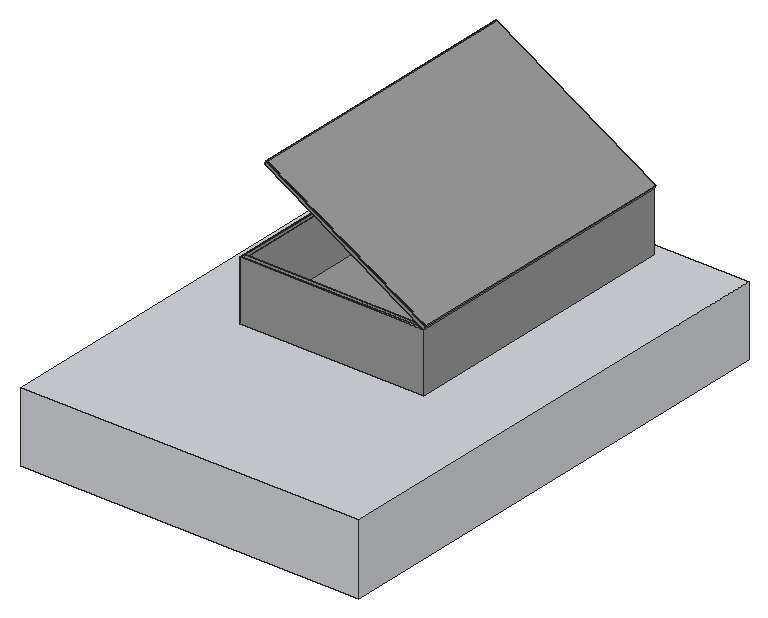
Revit family "Hager-Univers-IP55-D275-H1250-Cl.II-Steel_encl-CH-de", category Equipement électrique, Revit 2020
Family settings
  Hôte = Face
  Configuration du panneau = Deux colonnes, circuits au sein
  Cote de connecteur circulaire = Utiliser le diamètre
  Type d'élément = Tableau de raccordement
  Couper avec des vides une fois chargée = Non
  Partagée = Non
  Point de calcul de pièce = Non
Parameters (values of type "Aufputz IP55 B800 H1250 T275  - FR83S")
  Width Control [instance] = if([EF000008 - Breite] > Min Width, [EF000008 - Breite], Min Width)  # 800 mm
  Commentaires du type = [HG000003 - Bereich]  # "Univers"
  Thickness Door [instance] = if([EF009171 - Materialstärke Tür/Deckel] > 3 mm, 3 mm, [EF009171 - Materialstärke Tür/Deckel])  # 1.5 mm
  Seal Frame Offset [instance] = 17 mm  # constant formula
  Plinth Visibility [instance] = [HG000027 - Sockelhöhe] > 0 mm  # no
  Model = ""
  Min Width [instance] = 100 mm  # constant formula
  Min Height [instance] = 100 mm  # constant formula
  Min Depth [instance] = (2 * [EF009170 - Materialstärke Gehäuse]) + 1 mm  # 4 mm
  Internal Frame Depth [instance] = (Door System Depth * 0.5)  # 9 mm
  Height Control [instance] = if([EF000040 - Höhe] > Min Height, [EF000040 - Höhe], Min Height)  # 1250 mm
  HG000027 - Sockelhöhe = 0 mm
  HG000026 - Stehend auf dem Boden = no
  HG000024 - Höhe des unteren Teils = 800 mm
  HG000023 - Gehäuse mit doppeltem Querschnitt = no
  HG000016 - 3D-Türsichtbarkeit [instance] = yes
  HG000015 - Sichtbarkeit der Türöffnung [instance] = no
  HG000014 - Tür rechts [instance] = yes
  HG000013 - Tür links [instance] = not([HG000014 - Tür rechts])  # no
  HG000012 - Türschwenkwinkel [instance] = 30.00°
  HG000010 - Asymmetrische Türen = no
  HG000009 - Doppelflügeligen Tür = no
  HG000006 - Unterputz = no
  HG000004 - Herstellerreferenz = "FR83S"
  HG000003 - Bereich = "Univers"
  HG000002 - Mit tür = yes
  Frame Offset Bottom [instance] = 10 mm  # constant formula
  Frame Offset [instance] = 15 mm  # constant formula
  EF015940 - Deckel mit Überdruckentlastung = no
  EF011959 - Schutzart (NEMA) = ""
  EF009554 - Anzahl der Öffnungen für Flanschplatten = 6
  Fabricant = "Hager"  # constant formula
  EF009212 - Ausführung Deckel = "EV000116 - geschlossen"
  EF009171 - Materialstärke Tür/Deckel = 1.5 mm
  EF009170 - Materialstärke Gehäuse = 1.5 mm
  EF008873 - Nennstrom (In) = 800 A
  EF007800 - Geeignet für Blitzschutz = no
  EF006306 - Mit Schloss = no
  EF006244 - Transparenter Deckel/Tür = no
  EF005474 - Schutzart (IP) = "EV006420 - IP55"
  EF004464 - Art der Tür = "EV002646 - Einzel"
  EF004427 - Anzahl der Module = 288
  EF004293 - Schlagfestigkeit = "EV008784 - IK10"
  EF003532 - Geeignet für Außengebrauch = no
  EF002950 - Breite in Teilungseinheiten = 24
  EF001613 - Funktionserhalt = "EV000494 - ohne"
  EF001596 - Werkstoff des Gehäuses = "EV000179 - Stahl"
  EF001131 - Innentiefe = 275 mm
  EF001088 - Anbaumöglichkeit = yes
  EF000437 - Anzahl der Leitungseinführungen = 6
  EF000339 - Art der Abdeckung = "EV004216 - Tür"
  EF000266 - Anzahl der Reihen = 8
  EF000218 - Einbautiefe = 0 mm
  EF000118 - Mit Montageplatte = no
  EF000116 - RAL-Nummer = "7035"
  EF000049 - Tiefe = 275 mm
  EF000040 - Höhe = 1250 mm
  EF000008 - Breite = 800 mm
  EF000007 - Farbe = "EV000270 - grau"
  EF000003 - Montageart = "EV000384 - Aufputz"
  Door System Leaf Tolerance [instance] = 1.5 mm  # constant formula
  Door System Depth [instance] = 18 mm  # constant formula
  Door Height [instance] = Height Control - [HG000027 - Sockelhöhe]  # 1250 mm
  Depth Control [instance] = if([EF000049 - Tiefe] > Min Depth, [EF000049 - Tiefe], Min Depth)  # 275 mm
  Default Elevation = 0 mm
  Connector Offset [instance] = Height Control / 2  # 625 mm
  Bottom Top Plate Trim [instance] = 1.5 mm  # constant formula
  Plinth height Ctrl [instance] = if([HG000027 - Sockelhöhe] > 0 mm, [HG000027 - Sockelhöhe], 12 mm)  # 12 mm
Types (5, lengths in mm): name | Width Control | HG000010 - Asymmetrische Türen | HG000009 - Doppelflügeligen Tür | HG000004 - Herstellerreferenz | EF009554 - Anzahl der Öffnungen für Flanschplatten | EF004464 - Art der Tür | EF004427 - Anzahl der Module | EF000437 - Anzahl der Leitungseinführungen | EF000008 - Breite
  Aufputz IP55 B1050 H1250 T275  - FR84S | 1050 | no | yes | "FR84S" | 8 | "EV003602 - Doppel" | 384 | 8 | 1050
  Aufputz IP55 B1300 H1250 T275  - FR85S | 1300 | yes | yes | "FR85S" | 10 | "EV003602 - Doppel" | 480 | 10 | 1300
  Aufputz IP55 B300 H1250 T275  - FR81S | 300 | no | no | "FR81S" | 2 | "EV002646 - Einzel" | 96 | 2 | 300
  Aufputz IP55 B550 H1250 T275  - FR82S | 550 | no | no | "FR82S" | 4 | "EV002646 - Einzel" | 192 | 4 | 550
  Aufputz IP55 B800 H1250 T275  - FR83S | 800 | no | no | "FR83S" | 6 | "EV002646 - Einzel" | 288 | 6 | 800
Reference planes
  plane 1 "Center (Front/Back)": y = 0
  plane 2: z = 0
  plane 3 "Center (Left/Right)": x = 0
  plane 4: z = 275
  plane 5: y = 1.5
  plane 6: y = 625
  plane 7: y = 0
  plane 8: y = 1250
  plane 9: z = 0
  plane 10: x = -385
  plane 11: x = 385
  plane 12: x = 383.5
  plane 13: x = -383.5
  plane 14: y = 1248.5
  plane 15: x = -383
  plane 16: x = -400
  plane 17: x = 383
  plane 18: x = 400
  plane 19: x = 398.5
  plane 20: x = -398.5
  plane 21: y = 11.5
  plane 22: y = 1250
  plane 23: y = 1233.5
  plane 24: z = 257
  plane 25: z = 1.5
  plane 26: z = 255.5
  plane 27: z = 273.5
Forms (mm)
  Extrusion 1, solid
    sketch origin (0, 0, 0) x (1, 0, 0) y (0, 1, 0)
      loop
        line (-702.964, 1305) -> (-702.964, -811.445) -> (766.763, -811.445) -> (766.763, 1305) -> (-702.964, 1305)
    from 0 to -304.8
  Extrusion 2, solid, material "Hager_Steel_RAL7035_Light_Grey", visible <- "Plinth Visibility", detail levels medium+fine
    sketch origin (0, 0, 0) x (1, 0, 0) y (0, 1, 0)
      loop
        line (-400, 0) -> (400, 0) -> (400, 12) -> (-400, 12) -> (-400, 0)
    from 0 to 257
  Extrusion 3, solid, material "Hager_Steel_RAL7035_Light_Grey", detail levels medium+fine
    sketch origin (0, 0, 0) x (1, 0, 0) y (0, 1, 0)
      loop
        line (-400, 0) -> (400, 0) -> (400, 1250) -> (-400, 1250) -> (-400, 0)
    from 0 to 257
  Extrusion 4, void
    sketch origin (0, 0, 0) x (1, 0, 0) y (0, 1, 0)
      loop
        line (-398.5, 1.5) -> (398.5, 1.5) -> (398.5, 1248.5) -> (-398.5, 1248.5) -> (-398.5, 1.5)
    from 1.5 to 255.5
  Extrusion 5, void
    sketch origin (-381.607, -4572, 257) x (0, -1, 0) y (-1, 0, 0)
      loop
        line (-4583.5, 1.893) -> (-5805.5, 1.893) -> (-5805.5, -765.107) -> (-4583.5, -765.107) -> (-4583.5, 1.893)
    from 0 to 1.5 <- "EF009170 - Materialstärke Gehäuse"
  Extrusion 6, solid, material "Hager_Steel_RAL7035_Light_Grey", detail levels fine
    sketch origin (0, 0, 257) x (1, 0, 0) y (0, 1, 0)
      loop
        line (-383.5, 1233.5) -> (-383.5, 11.5) -> (383.5, 11.5) -> (383.5, 1233.5) -> (-383.5, 1233.5)
      loop
        line (-385, 10) -> (385, 10) -> (385, 1235) -> (-385, 1235) -> (-385, 10)
    from 0 to 9 <- "Internal Frame Depth"
  Extrusion 7, solid, material "Hager_Steel_RAL7035_Light_Grey", detail levels coarse
    sketch origin (0, 0, 0) x (1, 0, 0) y (0, 1, 0)
      loop
        line (-400, 0) -> (400, 0) -> (400, 1250) -> (-400, 1250) -> (-400, 0)
    from 0 to 275
  Sweep 8, void
    path in 3D
      loop
        line (-400, 12, 0) -> (400, 12, 0) -> (400, 12, 257) -> (-400, 12, 257) -> (-400, 12, 0)
    profile origin (-400, 12, 128.5) x (-1, 0, 0) y (0, -1, 0)
      loop
        line (0, 0) -> (0, 1.5) -> (-1.5, 1.5)
        arc (-1.5, 1.5) -> (-1.061, 0.439) -> (0, 0) r 1.5
Cuts and joins
  Extrusion 4, Extrusion 5 cuts Extrusion 3
  Sweep 8 cuts Extrusion 2
Lines and regions (mm)
  Masking region 1
    outline origin (0, 0, 0) x (1, 0, 0) y (0, 0, 1)
      loop
        line (-400, 275) -> (-400, 0) -> (400, 0) -> (400, 275) -> (-400, 275)
  Masking region 2, detail levels medium+fine
    outline origin (0, 140, 0) x (0, 1, 0) y (0, 0, 1)
      loop
        line (-140, 0) -> (1110, 0) -> (1110, 257) -> (-140, 257) -> (-140, 0)
  Masking region 3, not visible, detail levels medium+fine
    outline origin (0, 297.922, 0) x (0, 1, 0) y (0, 0, 1)
      loop
        line (338.578, 0) -> (378.578, 0) -> (378.578, 263.5)
        arc (378.578, 263.5) -> (375.649, 270.571) -> (368.578, 273.5) r 10
        line (368.578, 273.5) -> (338.578, 273.5) -> (338.578, 0)
  Masking region 4, detail levels coarse
    outline origin (0, 0, 180) x (0, 1, 0) y (0, 0, 1)
      loop
        line (0, -180) -> (1250, -180) -> (1250, 95) -> (0, 95) -> (0, -180)
  Masking region 5, visible <- "Plinth Visibility", detail levels medium+fine
    outline origin (0, 52.24, 12.345) x (0, 0, -1) y (0, 1, 0)
      loop
        line (10.845, -40.24) -> (-243.155, -40.24)
        arc (-243.155, -40.24) -> (-243.594, -41.301) -> (-244.655, -41.74) r 1.5
        line (-244.655, -41.74) -> (-244.655, -52.24) -> (12.345, -52.24) -> (12.345, -41.74)
        arc (12.345, -41.74) -> (11.285, -41.301) -> (10.845, -40.24) r 1.5
  Masking region 6, detail levels medium+fine
    outline origin (-381.607, -4572, 257) x (-1, 0, 0) y (0, -1, 0)
      loop
        line (18.393, -5822) -> (18.393, -4572) -> (-781.607, -4572) -> (-781.607, -5822) -> (18.393, -5822)
  Masking region 7, visible <- "Plinth Visibility", detail levels medium+fine
    outline origin (-381.607, -4727, 257) x (-1, 0, 0) y (0, -1, 0)
      loop
        arc (16.893, -4739) -> (17.332, -4737.939) -> (18.393, -4737.5) r 1.5
        line (18.393, -4737.5) -> (18.393, -4727) -> (-781.607, -4727) -> (-781.607, -4737.5)
        arc (-781.607, -4737.5) -> (-780.546, -4737.939) -> (-780.107, -4739) r 1.5
        line (-780.107, -4739) -> (16.893, -4739)
  Masking region 8, detail levels coarse
    outline origin (-442.548, -4669.526, 257) x (-1, 0, 0) y (0, -1, 0)
      loop
        line (-42.548, -5919.526) -> (-42.548, -4669.526) -> (-842.548, -4669.526) -> (-842.548, -5919.526) -> (-42.548, -5919.526)
  sketch lines
    curve 1: line (-400, 12, 257) -> (-400, 12, 0)
    curve 2: line (400, 12, 257) -> (-400, 12, 257)
    curve 3: line (400, 12, 257) -> (400, 12, 0)
    curve 4: line (-400, 12, 0) -> (400, 12, 0)
Dimensions and locks
  "Depth Control": plane 4 to Extrusion 1
  "HG000027 - Sockelhöhe": plane 1 "Center (Front/Back)" to plane 7
  "EF009170 - Materialstärke Gehäuse": plane 5 to plane 7
  locked: connector elem to plane 3 "Center (Left/Right)"
  equal spacing: plane 8, plane 6, plane 7
  locked: connector elem to plane 6
  "EF009170 - Materialstärke Gehäuse": plane 8 to plane 14
  "EF009170 - Materialstärke Gehäuse": plane 10 to plane 13
  "EF009170 - Materialstärke Gehäuse": plane 12 to plane 11
  "Frame Offset": plane 20 to plane 13
  "Frame Offset": plane 12 to plane 19
  "EF009170 - Materialstärke Gehäuse": plane 16 to plane 20
  "EF009170 - Materialstärke Gehäuse": plane 19 to plane 18
  "Seal Frame Offset": plane 16 to plane 15
  "Seal Frame Offset": plane 17 to plane 18
  "Frame Offset Bottom": plane 21 to plane 5
  "Frame Offset": plane 14 to plane 23
  equal spacing: plane 16, plane 3 "Center (Left/Right)", plane 18
  "Width Control": plane 16 to plane 18
  "EF009170 - Materialstärke Gehäuse": plane 4 to plane 27
  "EF009170 - Materialstärke Gehäuse": plane 24 to plane 26
  "EF009170 - Materialstärke Gehäuse": plane 25 to level
  "Door System Depth": plane 4 to plane 24
  "Height Control": plane 1 "Center (Front/Back)" to Extrusion 7 sketch curve
  "Height Control": Masking region 4 sketch curve to plane 1 "Center (Front/Back)"
  "Height Control": plane 1 "Center (Front/Back)" to plane 22
  "Bottom Top Plate Trim": profile plane to Sweep 8 sketch curve
  "Bottom Top Plate Trim": Sweep 8 sketch curve to profile plane
  "Plinth height Ctrl": plane 1 "Center (Front/Back)" to Extrusion 2 sketch curve
  "Plinth height Ctrl": Masking region 5 sketch curve to plane 1 "Center (Front/Back)"
  "Plinth height Ctrl": plane 1 "Center (Front/Back)" to Masking region 7 sketch curve
  "Thickness Door": Extrusion 6 sketch curve to Extrusion 6 sketch curve  (x3)
  "Thickness Door": cut or joined group of Extrusion 3, Extrusion 4, Extrusion 5 to Extrusion 6 sketch curve
  radius of Masking region 3 sketch curve = 10 mm
  "Bottom Top Plate Trim": radius of Masking region 5 sketch curve  (x2)
  "Bottom Top Plate Trim": radius of Sweep 8 sketch curve
  "Bottom Top Plate Trim": radius of Masking region 7 sketch curve  (x2)
  aligned and locked: plane 2 to Extrusion 1
  aligned and locked: level to Extrusion 1
  aligned and locked: level to Masking region 1 sketch curve
  aligned and locked: Masking region 1 sketch curve to plane 18
  aligned and locked: Masking region 1 sketch curve to plane 16
  aligned and locked: plane 7 to Masking region 2 sketch curve
  aligned and locked: level to Masking region 3 sketch curve
  aligned and locked: Masking region 3 sketch curve to plane 27
  aligned and locked: level to Masking region 2 sketch curve
  aligned and locked: plane 1 "Center (Front/Back)" to Extrusion 2 sketch curve
  aligned and locked: Extrusion 3 sketch curve to plane 7
  aligned and locked: plane 16 to Extrusion 3 sketch curve
  aligned and locked: plane 18 to Extrusion 3 sketch curve
  aligned and locked: plane 20 to Extrusion 4 sketch curve
  aligned and locked: plane 19 to Extrusion 4 sketch curve
  aligned and locked: Extrusion 4 sketch curve to plane 5
  aligned and locked: Extrusion 4 to plane 25
  aligned and locked: plane 26 to Extrusion 4
  aligned and locked: plane 24 to Extrusion 3
  aligned and locked: Extrusion 5 sketch curve to plane 21
  aligned and locked: Extrusion 5 sketch curve to plane 13
  aligned and locked: Extrusion 5 sketch curve to plane 12
  aligned and locked: plane 18 to Extrusion 7 sketch curve
  aligned and locked: plane 1 "Center (Front/Back)" to Extrusion 7 sketch curve
  aligned and locked: plane 16 to Extrusion 7 sketch curve
  aligned and locked: plane 4 to Extrusion 7
  aligned and locked: Extrusion 7 to level
  aligned and locked: level to Masking region 4 sketch curve
  aligned and locked: Masking region 4 sketch curve to plane 1 "Center (Front/Back)"
  aligned and locked: Masking region 4 sketch curve to plane 4
  aligned and locked: nested 1 to level
  aligned and locked: nested 1 to plane 16
  aligned and locked: plane 8 to Extrusion 3 sketch curve
  aligned and locked: plane 23 to Extrusion 5 sketch curve
  aligned and locked: plane 14 to Extrusion 4 sketch curve
  aligned and locked: Masking region 2 sketch curve to plane 8
  aligned and locked: level to Masking region 5 sketch curve
  aligned and locked: plane 16 to Extrusion 2 sketch curve
  aligned and locked: plane 18 to Extrusion 2 sketch curve
  aligned and locked: Masking region 5 sketch curve to plane 24
  aligned and locked: Masking region 2 sketch curve to plane 24
  aligned and locked: plane 24 to Extrusion 2
  aligned and locked: profile plane to Sweep 8 sketch curve  (x2)
  aligned and locked: Masking region 6 sketch curve to plane 18
  aligned and locked: Masking region 6 sketch curve to plane 22
  aligned and locked: Masking region 6 sketch curve to plane 16
  aligned and locked: plane 8 to plane 22
  aligned and locked: Masking region 6 sketch curve to plane 7
  aligned and locked: Masking region 7 sketch curve to plane 16
  aligned and locked: Masking region 7 sketch curve to plane 1 "Center (Front/Back)"
  aligned and locked: Masking region 7 sketch curve to plane 18
  aligned and locked: Masking region 8 sketch curve to plane 1 "Center (Front/Back)"
  aligned and locked: Masking region 8 sketch curve to plane 18
  aligned and locked: Masking region 8 sketch curve to plane 22
  aligned and locked: Masking region 8 sketch curve to plane 16
  aligned and locked: nested 2 to plane 7
  aligned and locked: plane 3 "Center (Left/Right)" to nested 2
  aligned and locked: nested 2 to plane 24
  aligned and locked: Extrusion 6 sketch curve to cut or joined group of Extrusion 3, Extrusion 4, Extrusion 5  (x4)
Automatic sketch dimensions
  Extrusion 1 sketch curve to Extrusion 1 sketch curve = 1469.727 mm
  Extrusion 1 sketch curve to Extrusion 1 sketch curve = 2116.445 mm
  Masking region 1 sketch curve to plane 4 = 0 mm
  plane 6 to Masking region 3 sketch curve = 11.5 mm
  Masking region 3 sketch curve to Masking region 3 sketch curve = 30 mm
  Masking region 5 sketch curve to plane 1 "Center (Front/Back)" = 0 mm
Nested families
  nested 1: "Hager_Enclosure_Symbol" at (-400, 0, 0) x (1, 0, 0) z (0, -1, 0), Height <- "Depth Control", Width <- "Width Control", type "Hager_Enclosure_Symbol"
    with Width_Ctrl 800 mm, Width 800 mm, Height_Ctrl 275 mm, Height 275 mm, A_Width_Int 18.047 mm, A_Width 216.562 mm, A_Height_Ctrl 240.625 mm, A_Height 240.625 mm
  nested 2: "EC000058_Univers_Door" at (0, 0, 257) x (1, 0, 0) z (0, 1, 0), Leaf_Tolerance <- "Door System Leaf Tolerance", Angle <- "HG000012 - Türschwenkwinkel", Door_Depth <- "Door System Depth", Door_Left <- "HG000013 - Tür links", Transparent <- "EF006244 - Transparenter Deckel/Tür", Assymetrical <- "HG000010 - Asymmetrische Türen", Width <- "Width Control", Clearance <- "HG000015 - Sichtbarkeit der Türöffnung", Double <- "HG000009 - Doppelflügeligen Tür", 3d_Door <- "HG000016 - 3D-Türsichtbarkeit", Lock_Visibility <- "EF006306 - Mit Schloss", Width_Ctrl <- "Width Control", Door_Right <- "HG000014 - Tür rechts", Door <- "HG000002 - Mit tür", Height <- "Door Height", Thickness <- "Thickness Door", type "EC000058_Univers_Door", detail levels medium+fine
    with min_wh 4 mm, Width_Ctrl 800 mm, Width 800 mm, Transparent no, Thickness 1.5 mm, Seal_Material Hager_Rubber, Lock_Visibility no, Lock_Material Hager_Plastic_RAL9005_Jet_Black, Leaf_Width 800 mm, Leaf_Tolerance_External_Sides 0 mm, Leaf_Tolerance 1.5 mm, Leaf_Offset 0 mm, Leaf_Height 1247 mm, Leaf_2_Width 800 mm, Leaf_2_Offset 400 mm, Leaf_1_Width 800 mm, Leaf_1_Offset 400 mm, Height_Ctrl 1250 mm, Height 1250 mm, Glass_Material Hager_Glass, Double_Clearance_Ctrl no, Double no, Door_Right_Ctrl yes, Door_Right yes, Door_Material Hager_Steel_RAL7035_Light_Grey, Door_Left_Ctrl no, Door_Left no, Door_Depth 18 mm, Door yes, Clearance_Material Hager_Clearance, Clearance_Depth 800 mm, Clearance_Ctrl no, Clearance no, Assymetrical no, Angle 30.00°, 3d_Door yes
Connectors
  electrical at (0, 625, 0)
    settings: on plane 9, index 1, voltage 0 V, apparent load 0 VA, apparent load phase1 0 VA, apparent load phase2 0 VA, apparent load phase3 0 VA, power factor 1, load classification "Other", number of poles 1, system type 30, power factor state 1, is connector primary yes, connector utility no, sub classification motor no, connector description ""
Definition of nested family "EC000058_Univers_Door"
  Parameters (values of type "EC000058_Univers_Door")
    min_wh [instance] = (2 * Thickness) + 1 mm  # 11 mm
    Width_Ctrl [instance] = 400 mm
    Width [instance] = 500 mm
    Transparent [instance] = yes
    Thickness [instance] = 5 mm
    Seal_Material [instance] = none
    Lock_Visibility [instance] = yes
    Lock_Material [instance] = none
    Leaf_Width [instance] = if((Width_Ctrl - 2 * Leaf_Tolerance_External_Sides) > 0 mm, (Width_Ctrl - 2 * Leaf_Tolerance_External_Sides), min_wh)  # 400 mm
    Leaf_Tolerance_External_Sides [instance] = 0 mm  # constant formula
    Leaf_Tolerance [instance] = 1.5 mm
    Leaf_Offset [instance] = 0 mm  # constant formula
    Leaf_Height [instance] = if((Height_Ctrl - 2 * Leaf_Tolerance) > 0 mm, (Height_Ctrl - 2 * Leaf_Tolerance), min_wh)  # 497 mm
    Leaf_2_Width [instance] = if(and(and(Double, Assymetrical), Door_Left), (Leaf_Width / 3) - (Leaf_Tolerance / 2), if(and(and(Double, Assymetrical), Door_Right), (Leaf_Width / 3) * 2 - (Leaf_Tolerance / 2), if(and(Double, not(Assymetrical)), (Leaf_Width / 2) - Leaf_Tolerance, Leaf_Width)))  # 400 mm
    Leaf_2_Offset [instance] = if(and(Double, Assymetrical), Leaf_2_Width / 2, if(and(Double, not(Assymetrical)), Leaf_Width / 4, Leaf_Width / 2))  # 200 mm
    Leaf_1_Width [instance] = if(and(and(Double, Assymetrical), Door_Right), (Leaf_Width / 3) - (Leaf_Tolerance / 2), if(and(and(Double, Assymetrical), Door_Left), (Width / 3) * 2 - (Leaf_Tolerance / 2), if(and(Double, not(Assymetrical)), (Leaf_Width / 2) - Leaf_Tolerance, Leaf_Width)))  # 400 mm
    Leaf_1_Offset [instance] = if(and(Double, Assymetrical), Leaf_1_Width / 2, if(and(Double, not(Assymetrical)), Leaf_Width / 4, Leaf_Width / 2))  # 200 mm
    Height_Ctrl [instance] = if(Height > min_wh, Height, min_wh)  # 500 mm
    Height [instance] = 500 mm
    Glass_Material [instance] = none
    Double_Clearance_Ctrl [instance] = and(Double, Clearance)  # no
    Double [instance] = no
    Door_Right_Ctrl [instance] = and(or(Door_Right, Double), Door)  # yes
    Door_Right [instance] = yes
    Door_Material [instance] = none
    Door_Left_Ctrl [instance] = and(or(Door_Left, Double), Door)  # no
    Door_Left [instance] = no
    Door_Depth [instance] = 30 mm
    Door [instance] = yes
    Default Elevation = 1219.2 mm
    Clearance_Material [instance] = none
    Clearance_Depth [instance] = if(Leaf_1_Width > Leaf_2_Width, Leaf_1_Width, Leaf_2_Width)  # 400 mm
    Clearance_Ctrl [instance] = and(not(Double), Clearance)  # yes
    Clearance [instance] = yes
    Assymetrical [instance] = yes
    Angle [instance] = 30.00°
    3d_Door [instance] = yes
  Reference planes
    plane 1 "Center (Front/Back)": y = 0
    plane 2 "Bottom": z = 0
    plane 3 "Center (Left/Right)": x = 0
    plane 4: z = 500
    plane 5: x = -200
    plane 6: x = 200
    plane 7: z = 500
    plane 8: x = -200
    plane 9: z = 0
    plane 10: x = 200
    plane 11: y = 0
    plane 12: z = 1.5
    plane 13: x = -600
    plane 14: y = -400
    plane 15: x = 600
    plane 16: x = 0
    plane 17: x = 0
    plane 18: x = -200
    plane 19: x = 200
    plane 20: z = 498.5
  Forms (mm)
    Extrusion 1, solid, material <- "Clearance_Material", visible <- "Double_Clearance_Ctrl"
      sketch origin (1200, 0, 0) x (1, 0, 0) y (0, 0, -1)
        loop
          line (-1800, -498.5) -> (-600, -498.5) -> (-600, 0) -> (-1800, 0) -> (-1800, -498.5)
      from 0 to -400
  Dimensions and locks
    equal spacing: plane 5, plane 3 "Center (Left/Right)", plane 6
    "Width_Ctrl": plane 5 to plane 6
    "Leaf_Offset": plane 5 to plane 8
    "Leaf_Offset": plane 6 to plane 10
    "Leaf_Offset": plane 9 to level
    "Leaf_Offset": plane 4 to plane 7
    "Height_Ctrl": plane 4 to level
    "Leaf_Tolerance": plane 12 to plane 9
    locked: plane 11 to plane 1 "Center (Front/Back)"
    "Leaf_1_Offset": plane 18 to plane 16
    "Leaf_2_Offset": plane 17 to plane 19
    "Leaf_1_Width": plane 13 to plane 8
    "Leaf_2_Width": plane 10 to plane 15
    "Clearance_Depth": plane 14 to plane 1 "Center (Front/Back)"
    "Leaf_Tolerance_External_Sides": plane 8 to plane 18
    "Leaf_Tolerance_External_Sides": plane 19 to plane 10
    "Leaf_Tolerance": plane 7 to plane 20
    aligned and locked: level to plane 2 "Bottom"
    aligned and locked: nested 1 to plane 16
    aligned and locked: nested 2 to plane 17
    aligned and locked: Extrusion 1 to plane 13
    aligned and locked: plane 15 to Extrusion 1
    aligned and locked: Extrusion 1 to plane 14
    aligned and locked: plane 12 to nested 1
    aligned and locked: nested 2 to plane 12
    aligned and locked: Extrusion 1 to plane 11
    aligned and locked: plane 20 to Extrusion 1
    aligned and locked: nested 2 to plane 11
    aligned and locked: nested 1 to plane 11
  Automatic sketch dimensions
    Extrusion 1 sketch curve to level = 0 mm
    plane 5 to Extrusion 1 sketch curve = 400 mm
    plane 6 to Extrusion 1 sketch curve = 400 mm
    Extrusion 1 sketch curve to plane 4 = 1.5 mm
  Nested families
    nested 1: "EC000058_Univers_Door_Leaf" at (0, 0, 1.5), Width <- "Leaf_1_Width", visible <- "Door_Left_Ctrl", Leaf_Height <- "Leaf_Height", Angle <- "Angle", 3d_Door <- "3d_Door", Transparent <- "Transparent", Clearance Material <- "Clearance_Material", Clearance <- "Clearance_Ctrl", Door_Material <- "Door_Material", Glass_Material <- "Glass_Material", Door_Depth <- "Door_Depth", Lock_Material <- "Lock_Material", Seal_Material <- "Seal_Material", Lock_Visibility <- "Lock_Visibility", Thickness <- "Thickness", type "EC000058_Univers_Door_Leaf"
      with Width 400 mm, Transparent_Glass_Offset 30 mm, Transparent_Ctrl yes, Transparent yes, Thickness 5 mm, Standard no, Seal_Material none, Seal_D2 8 mm, Seal_D1 1 mm, Offset_Internal_Frame 10 mm, Lock_Width 20 mm, Lock_Visibility_3d yes, Lock_Visibility yes, Lock_Thickness_3 3 mm, Lock_Thickness_2 1 mm, Lock_Thickness_1 3 mm, Lock_Radius_Offset_2 16 mm, Lock_Radius_Offset_1 15 mm, Lock_Radius_2 5 mm, Lock_Radius 6 mm, Lock_Offset 5 mm, Lock_Material none, Lock_Height 80 mm, Lock_Cover_Top_Offset_2d 17 mm, Lock_Cover_Height -65 mm, Leaf_Height 497 mm, Internal_Seal_Thickness 8 mm, Internal_Seal_Depth_2 4.5 mm, Internal_Frame_Depth 25 mm, Glass_Thickness -1 mm, Glass_Offset -2 mm, Glass_Material none, Door_Material none, Door_Depth 30 mm, Clearance Material none, Clearance yes, Angle_Ctrl 30.00°, Angle 30.00°, 3d_Door yes
    nested 2: "EC000058_Univers_Door_Leaf" at (0, 0, 1.5) x (-1, 0, 0) z (0, 0, 1), Width <- "Leaf_2_Width", visible <- "Door_Right_Ctrl", Leaf_Height <- "Leaf_Height", Angle <- "Angle", 3d_Door <- "3d_Door", Transparent <- "Transparent", Clearance Material <- "Clearance_Material", Clearance <- "Clearance_Ctrl", Door_Material <- "Door_Material", Glass_Material <- "Glass_Material", Door_Depth <- "Door_Depth", Lock_Material <- "Lock_Material", Seal_Material <- "Seal_Material", Lock_Visibility <- "Lock_Visibility", Thickness <- "Thickness", type "EC000058_Univers_Door_Leaf"
      with Width 400 mm, Transparent_Glass_Offset 30 mm, Transparent_Ctrl yes, Transparent yes, Thickness 5 mm, Standard no, Seal_Material none, Seal_D2 8 mm, Seal_D1 1 mm, Offset_Internal_Frame 10 mm, Lock_Width 20 mm, Lock_Visibility_3d yes, Lock_Visibility yes, Lock_Thickness_3 3 mm, Lock_Thickness_2 1 mm, Lock_Thickness_1 3 mm, Lock_Radius_Offset_2 16 mm, Lock_Radius_Offset_1 15 mm, Lock_Radius_2 5 mm, Lock_Radius 6 mm, Lock_Offset 5 mm, Lock_Material none, Lock_Height 80 mm, Lock_Cover_Top_Offset_2d 17 mm, Lock_Cover_Height -65 mm, Leaf_Height 497 mm, Internal_Seal_Thickness 8 mm, Internal_Seal_Depth_2 4.5 mm, Internal_Frame_Depth 25 mm, Glass_Thickness -1 mm, Glass_Offset -2 mm, Glass_Material none, Door_Material none, Door_Depth 30 mm, Clearance Material none, Clearance yes, Angle_Ctrl 30.00°, Angle 30.00°, 3d_Door yes
  Definition of nested family "EC000058_Univers_Door_Leaf"
    Parameters (values of type "EC000058_Univers_Door_Leaf")
      Width [instance] = 2000 mm
      Transparent_Glass_Offset [instance] = 30 mm
      Transparent_Ctrl [instance] = and(Transparent, [3d_Door])  # yes
      Transparent [instance] = yes
      Thickness [instance] = 5 mm
      Standard [instance] = and(not(Transparent), [3d_Door])  # no
      Seal_Material [instance] = none
      Seal_D2 [instance] = 8 mm  # constant formula
      Seal_D1 [instance] = 1 mm  # constant formula
      Offset_Internal_Frame [instance] = 10 mm  # constant formula
      Lock_Width [instance] = 20 mm  # constant formula
      Lock_Visibility_3d [instance] = and(Lock_Visibility, [3d_Door])  # yes
      Lock_Visibility [instance] = yes
      Lock_Thickness_3 [instance] = 3 mm  # constant formula
      Lock_Thickness_2 [instance] = 1 mm  # constant formula
      Lock_Thickness_1 [instance] = 3 mm  # constant formula
      Lock_Radius_Offset_2 [instance] = Lock_Radius_Offset_1 + 1 mm  # 16 mm
      Lock_Radius_Offset_1 [instance] = 15 mm  # constant formula
      Lock_Radius_2 [instance] = Lock_Radius - 1 mm  # 5 mm
      Lock_Radius [instance] = 6 mm  # constant formula
      Lock_Offset [instance] = 5 mm  # constant formula
      Lock_Material [instance] = none
      Lock_Height [instance] = 80 mm  # constant formula
      Lock_Cover_Top_Offset_2d [instance] = Lock_Radius_Offset_2 + 1 mm  # 17 mm
      Lock_Cover_Height [instance] = -(Lock_Height - Lock_Radius_Offset_1)  # -65 mm
      Leaf_Height [instance] = 2720.336 mm
      Internal_Seal_Thickness [instance] = 8 mm  # constant formula
      Internal_Seal_Depth_2 [instance] = 4.5 mm  # constant formula
      Internal_Frame_Depth [instance] = if(Door_Depth - Thickness > 5 mm, Door_Depth - Thickness, 5 mm)  # 25 mm
      Glass_Thickness [instance] = if(Thickness > 15 mm, Glass_Offset + 10 mm, -1 mm)  # -1 mm
      Glass_Offset [instance] = if(Thickness > 15 mm, -(Thickness + 10 mm) / 2, -2 mm)  # -2 mm
      Glass_Material [instance] = none
      Door_Material [instance] = none
      Door_Depth [instance] = 30 mm
      Default Elevation = 0 mm
      Clearance Material [instance] = none
      Clearance [instance] = yes
      Angle_Ctrl [instance] = if(Angle > 180.00°, 180.00°, Angle)  # 90.00°
      Angle [instance] = 90.00°
      3d_Door [instance] = yes
    Reference planes
      plane 1 "Center (Front/Back)": y = 0
      plane 2: z = 0
      plane 3 "Center (Left/Right)": x = 0
      plane 4: y = 2000
      plane 5: x = -1000
      plane 6: x = 1000
      plane 7: x = -3000
      plane 8: z = 2720.336
      plane 9: z = 30
      plane 10: z = 2690.336
      plane 11: x = 970
      plane 12: x = -970
      plane 13: y = -3
      plane 14: z = 107.833
      plane 15: y = -5
      plane 16: y = -223.314
      plane 17: x = -1000
      plane 18: z = 1360.168
      plane 19: y = 30
    Forms (mm)
      Extrusion 1, solid, material <- "Clearance Material", visible <- "Clearance"
        sketch origin (0, 0, 0) x (1, 0, 0) y (0, 0, 1)
          loop
            line (-3000, 2720.336) -> (-3000, 0) -> (1000, 0) -> (1000, 2720.336) -> (-3000, 2720.336)
        from 0 to -2000
      Extrusion 2, solid, material <- "Door_Material", visible <- "Standard", detail levels medium+fine
        sketch origin (-1000, 0, 0) x (0, 1, 0) y (-1, 0, 0)
          loop
            line (0, 30) -> (0, 25) -> (2000, 25) -> (2000, 30) -> (0, 30)
        from 0 to 2720.336 <- "Leaf_Height"
      Extrusion 3, solid, material <- "Door_Material", visible <- "Transparent_Ctrl", detail levels medium+fine
        sketch origin (-1000, 0, 0) x (0, 1, 0) y (-1, 0, 0)
          loop
            line (0, 25) -> (2000, 25) -> (2000, 30) -> (0, 30) -> (0, 25)
        from 0 to 2720.336 <- "Leaf_Height"
      Extrusion 4, void
        sketch origin (-1025, 2000, 0) x (0, 1, 0) y (0, 0, -1)
          loop
            line (-30, -2690.336) -> (-30, -30) -> (-1970, -30) -> (-1970, -2690.336) -> (-30, -2690.336)
        from 0 to 5 <- "Thickness"
      Sweep 5, solid, material <- "Seal_Material", visible <- "Transparent_Ctrl", detail levels fine
        path in 3D
          loop
            line (-1025, 30, 30) -> (-1025, 30, 2690.336) -> (-1025, 1970, 2690.336) -> (-1025, 1970, 30) -> (-1025, 30, 30)
        profile origin (-1025, 1000, 30) x (1, 0, 0) y (0, 0, 1)
          loop
            line (0, 0) -> (0, -8) -> (1, -8) -> (1, 0) -> (0, 0)
      Extrusion 6, solid, material <- "Glass_Material", visible <- "Transparent_Ctrl", detail levels medium+fine
        sketch origin (-1030, 0, 0) x (0, 1, 0) y (0, 0, -1)
          loop
            line (1970, -2690.336) -> (1970, -30) -> (30, -30) -> (30, -2690.336) -> (1970, -2690.336)
        from -2 <- "Glass_Offset" to -1 <- "Glass_Thickness"
      Extrusion 7, solid, material <- "Door_Material", visible <- "3d_Door", detail levels medium+fine
        sketch origin (-1025, 2000, 0) x (0, -1, 0) y (0, 0, -1)
          loop
            line (0, -2720.336) -> (2000, -2720.336) -> (2000, 0) -> (0, 0) -> (0, -2720.336)
          loop
            line (1995, -5) -> (5, -5) -> (5, -2715.336) -> (1995, -2715.336) -> (1995, -5)
        from 0 to 25 <- "Internal_Frame_Depth"
      Sweep 8, solid, material <- "Seal_Material", visible <- "Transparent_Ctrl", detail levels fine
        path in 3D
          loop
            line (-1025, 0, 0) -> (-1025, 2000, 0) -> (-1025, 2000, 2720.336) -> (-1025, 0, 2720.336) -> (-1025, 0, 0)
        profile origin (-1025, 0, 1360.168) x (1, 0, 0) y (0, 1, 0)
          loop
            line (0, 10) -> (2.975, 10)
            arc (2.975, 10) -> (4.053, 10.447) -> (4.5, 11.525) r 1.525
            line (4.5, 11.525) -> (4.5, 16.527)
            arc (4.5, 16.527) -> (4.069, 17.569) -> (3.027, 18) r 1.473
            line (3.027, 18) -> (0, 18) -> (0, 10)
      Extrusion 9, solid, material <- "Lock_Material", visible <- "Lock_Visibility_3d", detail levels fine
        sketch origin (-1030, 0, 0) x (0, 1, 0) y (0, 0, -1)
          loop
            arc (1993.5, -1400.168) -> (1994.561, -1399.729) -> (1995, -1398.668) r 1.5
            line (1995, -1398.668) -> (1995, -1320.168) -> (1975, -1320.168) -> (1975, -1398.668)
            arc (1975, -1398.668) -> (1975.439, -1399.729) -> (1976.5, -1400.168) r 1.5
            line (1976.5, -1400.168) -> (1993.5, -1400.168)
        from 3 <- "Lock_Thickness_1" to 0
      Blend 10, solid, material <- "Lock_Material", visible <- "Lock_Visibility_3d", detail levels fine
        base sketch origin (-1033, 0, 0) x (0, 1, 0) y (0, 0, -1)
          loop
            line (1975, -1320.168) -> (1975, -1398.668)
            arc (1975, -1398.668) -> (1975.439, -1399.729) -> (1976.5, -1400.168) r 1.5
            line (1976.5, -1400.168) -> (1993.5, -1400.168)
            arc (1993.5, -1400.168) -> (1994.561, -1399.729) -> (1995, -1398.668) r 1.5
            line (1995, -1398.668) -> (1995, -1320.168) -> (1975, -1320.168)
        top sketch origin (-1033, 0, 0) x (0, 1, 0) y (0, 0, -1)
          loop
            line (1976, -1320.168) -> (1976, -1398.668)
            arc (1976, -1398.668) -> (1976.146, -1399.022) -> (1976.5, -1399.168) r 0.5
            line (1976.5, -1399.168) -> (1993.5, -1399.168)
            arc (1993.5, -1399.168) -> (1993.854, -1399.022) -> (1994, -1398.668) r 0.5
            line (1994, -1398.668) -> (1994, -1320.168) -> (1976, -1320.168)
        from 0 to 1 <- "Lock_Thickness_2"
      Blend 11, solid, material <- "Lock_Material", visible <- "Lock_Visibility_3d", detail levels fine
        base sketch origin (-1034, 0, 0) x (0, 1, 0) y (0, 0, -1)
          loop
            line (1978, -1320.168) -> (1978, -1384.168)
            arc (1978, -1384.168) -> (1985, -1391.168) -> (1992, -1384.168) r 7
            line (1992, -1384.168) -> (1992, -1320.168) -> (1978, -1320.168)
        top sketch origin (-1034, 0, 0) x (0, 1, 0) y (0, 0, -1)
          loop
            line (1991, -1320.168) -> (1979, -1320.168) -> (1979, -1383.168)
            arc (1979, -1383.168) -> (1985, -1389.168) -> (1991, -1383.168) r 6
            line (1991, -1383.168) -> (1991, -1320.168)
        from 0 to 3 <- "Lock_Thickness_3"
      Extrusion 12, solid, material <- "Lock_Material", visible <- "Lock_Visibility_3d", detail levels fine
        sketch origin (-1030, 1975, 1320.168) x (1, 0, 0) y (0, -1, 0)
          loop
            line (-7, -19) -> (-7, -1) -> (0, -1) -> (0, 0) -> (-8, 0) -> (-8, -20) -> (0, -20) -> (0, -19) -> (-7, -19)
        from 0 to -65 <- "Lock_Cover_Height"
      Extrusion 13, void
        sketch origin (-1038, 1995, 1320.168) x (-1, 0, 0) y (0, 0, -1)
          loop
            line (-5, -65) -> (0, -65) -> (-5, -60) -> (-5, -65)
        from 0 to 20 <- "Lock_Width"
      Extrusion 14, void
        sketch origin (-1038, 1975, 1320.168) x (0, -1, 0) y (0, 0, -1)
          loop
            circle (-10, -15.995) r 6
          loop
            circle (-10, -15.995) r 5
        from 0 to 2
      Extrusion 15, solid, material <- "Lock_Material", visible <- "Lock_Visibility_3d", detail levels medium
        sketch origin (-1030, 0, 0) x (0, 1, 0) y (0, 0, -1)
          loop
            arc (1993.5, -1400.168) -> (1994.561, -1399.729) -> (1995, -1398.668) r 1.5
            line (1995, -1398.668) -> (1995, -1320.168) -> (1975, -1320.168) -> (1975, -1398.668)
            arc (1975, -1398.668) -> (1975.439, -1399.729) -> (1976.5, -1400.168) r 1.5
            line (1976.5, -1400.168) -> (1993.5, -1400.168)
        from 8 to 0
    Cuts and joins
      Extrusion 4 cuts Extrusion 3
      Extrusion 13, Extrusion 14 cuts Extrusion 9
      Extrusion 14 cuts Blend 11
      Extrusion 13, Extrusion 14 cuts Extrusion 12
      joined: Extrusion 9, Blend 10, Blend 11, Extrusion 12
      Extrusion 14 cuts Extrusion 15
    Lines and regions (mm)
      Masking region 1, visible <- "Lock_Visibility", detail levels fine
        outline origin (0, 0, 0) x (0, 1, 0) y (0, 0, 1)
          loop
            line (30, 1320.168) -> (33, 1320.168) -> (33, 1400.168) -> (30, 1400.168) -> (30, 1320.168)
      Masking region 2, visible <- "Lock_Visibility", detail levels fine
        outline origin (0, 3.143, 0) x (0, 1, 0) y (0, 0, 1)
          loop
            line (29.857, 1354.168) -> (30.857, 1354.168) -> (30.857, 1366.168) -> (29.857, 1366.168) -> (29.857, 1354.168)
      Masking region 3, detail levels medium+fine
        outline origin (0, 0, 0) x (0, 1, 0) y (0, 0, 1)
          loop
            line (0, 0) -> (30, 0) -> (30, 2720.336) -> (0, 2720.336) -> (0, 0)
      Masking region 4, detail levels medium+fine
        outline origin (0, 0, 0) x (1, 0, 0) y (0, 0, 1)
          loop
            line (-1000, 2720.336) -> (-1000, 0) -> (1000, 0) -> (1000, 2720.336) -> (-1000, 2720.336)
      Masking region 5, visible <- "Lock_Visibility", detail levels fine
        outline origin (-47.116, 0, 0) x (1, 0, 0) y (0, 0, 1)
          loop
            arc (1024.616, 1399.168) -> (1023.556, 1398.729) -> (1023.116, 1397.668) r 1.5
            line (1023.116, 1397.668) -> (1023.116, 1320.168) -> (1041.116, 1320.168) -> (1041.116, 1397.668)
            arc (1041.116, 1397.668) -> (1040.677, 1398.729) -> (1039.616, 1399.168) r 1.5
            line (1039.616, 1399.168) -> (1024.616, 1399.168)
      Masking region 6, visible <- "Lock_Visibility", detail levels medium+fine
        outline origin (-25, 0, 0) x (1, 0, 0) y (0, 0, 1)
          loop
            arc (1001.5, 1400.168) -> (1000.439, 1399.729) -> (1000, 1398.668) r 1.5
            line (1000, 1398.668) -> (1000, 1320.168) -> (1020, 1320.168) -> (1020, 1398.668)
            arc (1020, 1398.668) -> (1019.561, 1399.729) -> (1018.5, 1400.168) r 1.5
            line (1018.5, 1400.168) -> (1001.5, 1400.168)
      Masking region 7, visible <- "Lock_Visibility", detail levels fine
        outline origin (-73.735, 0, 0) x (1, 0, 0) y (0, 0, 1)
          loop
            line (1051.735, 1382.168) -> (1065.735, 1382.168) -> (1065.735, 1384.168)
            arc (1065.735, 1384.168) -> (1058.735, 1391.168) -> (1051.735, 1384.168) r 7
            line (1051.735, 1384.168) -> (1051.735, 1382.168)
      Masking region 8, visible <- "Lock_Visibility", detail levels fine
        outline origin (-73.735, 0, 0) x (1, 0, 0) y (0, 0, 1)
          loop
            line (1052.735, 1382.168) -> (1064.735, 1382.168) -> (1064.735, 1383.168)
            arc (1064.735, 1383.168) -> (1058.735, 1389.168) -> (1052.735, 1383.168) r 6
            line (1052.735, 1383.168) -> (1052.735, 1382.168)
      Masking region 9, visible <- "Lock_Visibility", detail levels fine
        outline origin (-25, 0, 0) x (1, 0, 0) y (0, 0, 1)
          loop
            line (1020, 1320.168) -> (1020, 1382.168) -> (1000, 1382.168) -> (1000, 1320.168) -> (1020, 1320.168)
      Masking region 10, detail levels medium+fine
        outline origin (0, 0, 0) x (1, 0, 0) y (0, 0, 1)
          loop
            circle (985, 1335.144) r 6
      Masking region 11, detail levels fine
        outline origin (0, 0, 0) x (1, 0, 0) y (0, 0, 1)
          loop
            circle (985, 1335.144) r 5
      Masking region 12, visible <- "Lock_Visibility", detail levels fine
        outline origin (0, 12.767, 0) x (0, 1, 0) y (0, 0, 1)
          loop
            line (20.233, 1320.168) -> (21.233, 1320.168) -> (21.233, 1399.168) -> (20.233, 1400.168) -> (20.233, 1320.168)
      Masking region 13, visible <- "Lock_Visibility", detail levels fine
        outline origin (0, 13.767, -10) x (0, 1, 0) y (0, 0, 1)
          loop
            line (20.233, 1330.168) -> (23.233, 1330.168) -> (23.233, 1399.168) -> (20.233, 1402.168) -> (20.233, 1330.168)
      Masking region 14, visible <- "Lock_Visibility", detail levels fine
        outline origin (0, 12.767, -10) x (0, 1, 0) y (0, 0, 1)
          loop
            line (20.233, 1330.168) -> (25.233, 1330.168) -> (25.233, 1399.305) -> (20.233, 1394.305) -> (20.233, 1330.168)
      Masking region 15, visible <- "Lock_Visibility", detail levels medium
        outline origin (0, 0, 0) x (0, 1, 0) y (0, 0, 1)
          loop
            line (30, 1320.168) -> (38, 1320.168) -> (38, 1400.168) -> (30, 1400.168) -> (30, 1320.168)
      Masking region 16, visible <- "Lock_Visibility", detail levels fine
        outline origin (-1000, 0, 0) x (0, 1, 0) y (-1, 0, 0)
          loop
            line (1975, 30) -> (1995, 30) -> (1995, 38) -> (1975, 38) -> (1975, 30)
          loop
            line (1979, 37) -> (1976, 37) -> (1976, 34) -> (1978, 34) -> (1979, 37)
          loop
            line (1994, 37) -> (1991, 37) -> (1992, 34) -> (1994, 34) -> (1994, 37)
      Masking region 17, visible <- "Lock_Visibility", detail levels medium
        outline origin (-1000, 0, 0) x (0, 1, 0) y (-1, 0, 0)
          loop
            line (1975, 30) -> (1995, 30) -> (1995, 38) -> (1975, 38) -> (1975, 30)
      symbolic lines
        curve 1: line (1000, 0, 0) -> (-3000, 0, 0)
        curve 2: arc (1000, 0, 0) -> (-1000, 2000, 0) -> (-3000, 0, 0) r 2000
        curve 4: line (-1030, 0, 0) -> (-1030, 2000, 0)
      reference lines
        curve 3: line (-1000, 0, 0) -> (-1000, 2000, 0)
      symbolic lines, detail levels medium+fine
        curve 5: line (-1030, 2000, 0) -> (-1025, 2000, 0)
        curve 7: line (-1025, 0, 0) -> (-1030, 0, 0)
        curve 8: line (-1025, 0, 0) -> (-1000, 0, 0)
        curve 9: line (-1000, 0, 0) -> (-1000, 2000, 0)
        curve 10: line (-1000, 2000, 0) -> (-1025, 2000, 0)
      symbolic lines, detail levels fine
        curve 6: line (-1025, 2000, 0) -> (-1025, 0, 0)
      sketch lines
        curve 11: line (-1025, 0, 2720.336) -> (-1025, 0, 0)
        curve 12: line (-1025, 2000, 0) -> (-1025, 0, 0)
        curve 13: line (-1025, 2000, 2720.336) -> (-1025, 2000, 0)
        curve 14: line (-1025, 0, 2720.336) -> (-1025, 2000, 2720.336)
        curve 15: line (-1025, 1970, 30) -> (-1025, 30, 30)
        curve 16: line (-1025, 30, 30) -> (-1025, 30, 2690.336)
        curve 17: line (-1025, 1970, 2690.336) -> (-1025, 1970, 30)
        curve 18: line (-1025, 30, 2690.336) -> (-1025, 1970, 2690.336)
      symbolic lines, visible <- "Transparent", detail levels medium+fine
        curve 19: line (-970, 0, 2690.336) -> (970, 0, 2690.336)
        curve 20: line (-970, 0, 30) -> (-970, 0, 2690.336)
        curve 21: line (970, 0, 30) -> (-970, 0, 30)
        curve 22: line (970, 0, 2690.336) -> (970, 0, 30)
    Dimensions and locks
      "Width": plane 1 "Center (Front/Back)" to plane 4
      equal spacing: plane 5, plane 3 "Center (Left/Right)", plane 6
      "Width": plane 5 to plane 6
      "Width": plane 7 to plane 5
      "Leaf_Height": plane 8 to level
      "Width": curve 5 to curve 3
      "Width": curve 3 to curve 3
      plane 8 to plane 10 = 30 mm
      plane 9 to level = 30 mm
      plane 12 to plane 5 = 30 mm
      plane 6 to plane 11 = 30 mm
      Extrusion 1 to Extrusion 4 sketch curve = 30 mm
      "Transparent_Glass_Offset": curve 3 to Extrusion 4 sketch curve
      "Transparent_Glass_Offset": Extrusion 4 sketch curve to cut or joined group of Extrusion 3, Extrusion 4  (x2)
      cut or joined group of Extrusion 3, Extrusion 4 to Extrusion 6 sketch curve = 30 mm
      "Transparent_Glass_Offset": cut or joined group of Extrusion 3, Extrusion 4 to Extrusion 4 sketch curve
      "Thickness": curve 6 to curve 4
      "Thickness": Extrusion 7 sketch curve to Extrusion 7 sketch curve  (x4)
      "Door_Depth": curve 4 to curve 3
      "Offset_Internal_Frame": profile plane to Sweep 8 sketch curve
      "Internal_Seal_Thickness": Sweep 8 sketch curve to Sweep 8 sketch curve
      "Internal_Seal_Depth_2": profile plane to Sweep 8 sketch curve
      "Seal_D1": profile plane to Sweep 5 sketch curve
      "Seal_D2": profile plane to Sweep 5 sketch curve
      "Thickness": Extrusion 2 sketch curve to Extrusion 2 sketch curve
      equal spacing: Extrusion 9 sketch curve, plane 18, Extrusion 9 sketch curve  (x2)
      equal spacing: Masking region 1 sketch curve, plane 18, Masking region 1 sketch curve
      "Lock_Height": Masking region 1 sketch curve to Masking region 1 sketch curve
      "Lock_Radius": Masking region 2 sketch curve to plane 18 to Masking region 2 sketch curve
      Masking region 2 sketch curve to Masking region 1 = 1 mm
      "Door_Depth": plane 19 to plane 1 "Center (Front/Back)"
      "Lock_Thickness_1": Masking region 1 sketch curve to plane 19
      "Lock_Width": Extrusion 9 sketch curve to Extrusion 9 sketch curve
      "Lock_Height": Extrusion 9 sketch curve to Extrusion 9 sketch curve
      "Lock_Offset": cut or joined group of Extrusion 3, Extrusion 4 to Extrusion 9 sketch curve
      equal spacing: plane 8, plane 18, level
      "Lock_Radius_Offset_1": Blend 11 sketch curve to Blend 10
      locked: Blend 10 to Blend 11 sketch curve at 2  (x2)
      locked: var sketch to Blend 11 sketch curve at 1  (x2)
      "Lock_Radius_Offset_2": Blend 11 sketch curve to Blend 10
      locked: Extrusion 12 sketch curve to Extrusion 12 sketch curve at 1  (x3)
      Masking region 6 sketch curve to Masking region 6 sketch curve = 80 mm
      "Lock_Height": Masking region 6 sketch curve to Masking region 6 sketch curve
      "Lock_Width": Masking region 6 sketch curve to Masking region 6 sketch curve
      locked: Masking region 6 to Masking region 5 sketch curve at 1  (x3)
      locked: Masking region 5 to Masking region 7 sketch curve at 2  (x2)
      "Lock_Radius_Offset_1": Masking region 5 to Masking region 7 sketch curve
      "Lock_Radius_Offset_2": Masking region 5 to Masking region 8 sketch curve
      locked: Masking region 7 to Masking region 8 sketch curve at 1  (x2)
      "Lock_Cover_Top_Offset_2d": Masking region 5 to Masking region 9 sketch curve
      equal spacing: Masking region 9, Masking region 10 sketch curve, Masking region 9
      equal spacing: Masking region 9, Masking region 11 sketch curve, Masking region 9
      Extrusion 15 sketch curve to Extrusion 15 sketch curve = 80 mm
      "Lock_Width": Extrusion 15 sketch curve to Extrusion 15 sketch curve
      "Lock_Height": Extrusion 15 sketch curve to Extrusion 15 sketch curve
      equal spacing: Extrusion 15 sketch curve, plane 18, Extrusion 15 sketch curve
      "Lock_Thickness_3": Masking region 13 sketch curve to Masking region 13 sketch curve
      "Lock_Height": Masking region 12 sketch curve to Masking region 12 sketch curve
      locked: Masking region 13 sketch curve to Masking region 1 at 8
      locked: Masking region 14 sketch curve to Masking region 13 at 1
      locked: Masking region 14 sketch curve to Masking region 1 at 10.863
      "Lock_Height": Masking region 15 sketch curve to Masking region 15 sketch curve
      "Lock_Offset": Extrusion 15 sketch curve to cut or joined group of Extrusion 3, Extrusion 4
      "Lock_Offset": plane 6 to Masking region 6 sketch curve
      radius of Sweep 8 sketch curve = 1.525 mm
      radius of Sweep 8 sketch curve = 1.473 mm
      radius of Extrusion 9 sketch curve = 1.5 mm  (x2)
      "Lock_Radius": radius of Extrusion 14 sketch curve
      "Lock_Radius_2": radius of Extrusion 14 sketch curve
      "Lock_Radius": radius of Masking region 10 sketch curve
      "Lock_Radius_2": radius of Masking region 11 sketch curve
      radius of Extrusion 15 sketch curve = 1.5 mm  (x2)
      "Angle_Ctrl": angle plane 1 "Center (Front/Back)" to curve 3
      locked: Masking region 12 sketch curve to Masking region 12 sketch curve (angle 45.00°)
      locked: Masking region 13 sketch curve to Masking region 13 sketch curve (angle 45.00°)
      locked: Masking region 14 sketch curve to Masking region 14 sketch curve (angle 45.00°)
      aligned and locked: level to plane 2
      aligned and locked: Extrusion 1 to curve 1
      aligned and locked: plane 6 to Extrusion 1
      aligned and locked: Extrusion 1 to plane 1 "Center (Front/Back)"
      aligned and locked: plane 4 to Extrusion 1
      aligned and locked: plane 8 to Extrusion 1
      aligned and locked: curve 7 to Extrusion 2 sketch curve
      aligned and locked: curve 5 to Extrusion 2 sketch curve
      aligned and locked: curve 7 to Extrusion 3 sketch curve
      aligned and locked: Extrusion 3 sketch curve to curve 4
      aligned and locked: Extrusion 3 sketch curve to curve 6
      aligned and locked: Extrusion 3 sketch curve to curve 5
      aligned and locked: curve 9 to curve 3
      aligned and locked: Extrusion 7 sketch curve to cut or joined group of Extrusion 3, Extrusion 4  (x4)
      aligned and locked: plane 17 to curve 3
      aligned and locked: plane 1 "Center (Front/Back)" to curve 3
      aligned and locked: plane 17 to plane 5
      aligned and locked: Sweep 8 sketch curve to profile plane
      aligned and locked: Sweep 5 sketch curve to profile plane  (x2)
      aligned and locked: Masking region 1 to Masking region 2 sketch curve
      aligned and locked: plane 19 to Masking region 1 sketch curve
      aligned and locked: plane 1 "Center (Front/Back)" to Masking region 3 sketch curve
      aligned and locked: plane 19 to Masking region 3 sketch curve
      aligned and locked: level to Masking region 3 sketch curve
      aligned and locked: Masking region 3 sketch curve to plane 8
      aligned and locked: plane 17 to Masking region 4 sketch curve
      aligned and locked: level to Masking region 4 sketch curve
      aligned and locked: Masking region 4 sketch curve to plane 8
      aligned and locked: plane 12 to curve 20
      aligned and locked: plane 10 to curve 19
      aligned and locked: plane 11 to curve 22
      aligned and locked: curve 21 to plane 9
      aligned and locked: Extrusion 2 sketch curve to cut or joined group of Extrusion 3, Extrusion 4
      aligned and locked: Blend 10 sketch curve to Extrusion 9  (x4)
      aligned and locked: Extrusion 9 to Blend 10 sketch curve
      aligned and locked: Blend 10 to Blend 11 sketch curve
      aligned and locked: Extrusion 12 sketch curve to Blend 11
      aligned and locked: Extrusion 12 sketch curve to Extrusion 9  (x4)
      aligned and locked: Masking region 5 sketch curve to Masking region 6
      aligned and locked: Masking region 9 sketch curve to Masking region 6  (x3)
      aligned and locked: Masking region 12 sketch curve to Masking region 1
      aligned and locked: Masking region 13 sketch curve to Masking region 1
      aligned and locked: Masking region 12 to Masking region 14
      aligned and locked: Masking region 14 sketch curve to Masking region 1
      aligned and locked: Masking region 15 sketch curve to Masking region 14
      aligned and locked: Masking region 13 sketch curve to Masking region 12
      aligned and locked: Masking region 16 sketch curve to cut or joined group of Extrusion 14, Extrusion 15  (x4)
      aligned and locked: Masking region 16 sketch curve to cut or joined group of Extrusion 9, Blend 10, Blend 11, Extrusion 12, Extrusion 13, Extrusion 14  (x6)
      aligned and locked: cut or joined group of Extrusion 9, Blend 10, Blend 11, Extrusion 12, Extrusion 13, Extrusion 14 to Masking region 16 sketch curve
      aligned and locked: Masking region 17 sketch curve to cut or joined group of Extrusion 14, Extrusion 15  (x3)
      aligned and locked: Masking region 17 sketch curve to cut or joined group of Extrusion 9, Blend 10, Blend 11, Extrusion 12, Extrusion 13, Extrusion 14
      aligned and locked: Masking region 9 to Masking region 8 sketch curve
      aligned and locked: Masking region 9 to Masking region 7 sketch curve
    Automatic sketch dimensions
      plane 1 "Center (Front/Back)" to curve 2 = 0 mm
      curve 2 to plane 5 = 0 mm
      Extrusion 1 sketch curve to level = 0 mm
      Extrusion 1 sketch curve to plane 7 = 0 mm
      Extrusion 1 sketch curve to plane 6 = 0 mm
      Extrusion 1 sketch curve to plane 8 = 0 mm
      Extrusion 3 to Extrusion 6 sketch curve = 30 mm  (x4)
      Masking region 4 sketch curve to plane 6 = 0 mm
      Blend 10 sketch curve to Extrusion 9 = 1.5 mm
      Blend 10 sketch curve to Extrusion 9 = 1 mm
      Extrusion 13 sketch curve to Extrusion 12 = 0 mm  (x2)
      Extrusion 12 to Extrusion 13 sketch curve = 3 mm
      Extrusion 13 sketch curve to Extrusion 12 = 5 mm
      Extrusion 14 sketch curve to Extrusion 14 sketch curve = 0 mm  (x2)
      Extrusion 14 sketch curve to Extrusion 12 = 10 mm
      Extrusion 14 sketch curve to Extrusion 12 = 15.995 mm
      Masking region 5 sketch curve to Masking region 5 sketch curve = 1.5 mm  (x2)
      Masking region 10 sketch curve to plane 18 = 25.024 mm
      Masking region 11 sketch curve to plane 18 = 25.024 mm
      plane 19 to Masking region 14 sketch curve = 3 mm
      Masking region 16 sketch curve to Masking region 16 sketch curve = 3 mm
      curve 4 to curve 3 = 0 mm
      Blend 10 to Blend 11 sketch curve = 0 mm
      Masking region 6 sketch curve to Masking region 6 sketch curve = 1.5 mm  (x2)
      Masking region 6 sketch curve to plane 18 = 40 mm
      plane 19 to Masking region 12 sketch curve = 3 mm
      Masking region 12 sketch curve to Masking region 12 sketch curve = 1 mm
      Masking region 15 sketch curve to plane 19 = 0 mm
      Masking region 15 sketch curve to plane 18 = 40 mm
      radius of Blend 10 sketch curve to Extrusion 9 = 1 mm
Definition of nested family "Hager_Enclosure_Symbol"
  Parameters (values of type "Hager_Enclosure_Symbol")
    Width_Ctrl [instance] = if(Width > 1 mm, Width, 1 mm)  # 102.27 mm
    Width [instance] = 102.27 mm
    Height_Ctrl [instance] = if(Height > 1 mm, Height, 1 mm)  # 66.5 mm
    A_Width_Int [instance] = if(A_Width / 12 > 2 mm, A_Width / 12, 2 mm)  # 4.364 mm
    A_Width [instance] = if(A_Height_Ctrl * 0.9 > 2 mm, A_Height_Ctrl * 0.9, 2 mm)  # 52.369 mm
    A_Height_Ctrl [instance] = if(A_Height > 2 mm, A_Height, 2 mm)  # 58.188 mm
    Height [instance] = 66.5 mm
    A_Height [instance] = Height - (Height / 8)  # 58.188 mm
  Reference planes
    plane 1 "Centre (avant/arrière)": y = 0
    plane 2: z = 0
    plane 3 "Centre (gauche/droite)": x = 0
    plane 4: x = 52.369
    plane 5: y = 33.042
    plane 6: y = 41.77
    plane 7: y = 66.5
    plane 8: x = 26.184
    plane 9: y = 37.406
    plane 10: x = 102.27
    plane 11: y = 66.5
    plane 12: y = 8.313
  Lines and regions (mm)
    Filled region 1, type "Solid_Black", in view "Niveau de réf."
      outline origin (0, 0, 0) x (1, 0, 0) y (0, 1, 0)
        loop
          line (52.369, 66.5) -> (33.188, 54.536) -> (45.365, 45.006) -> (52.369, 66.5)
    Filled region 2, type "Solid_Black", in view "Niveau de réf."
      outline origin (0, 0, 0) x (1, 0, 0) y (0, 1, 0)
        loop
          line (0, 0) -> (102.27, 0) -> (102.27, 66.5) -> (0, 0)
    detail lines, in view "Niveau de réf."
      curve 1: line (0, 8.313, 0) -> (26.184, 41.77, 0)
      curve 2: line (26.184, 41.77, 0) -> (26.184, 33.042, 0)
      curve 3: line (26.184, 33.042, 0) -> (52.369, 66.5, 0)
  Dimensions and locks
    "A_Width": plane 3 "Centre (gauche/droite)" to plane 4
    equal spacing: plane 3 "Centre (gauche/droite)", plane 8, plane 4
    equal spacing: plane 6, plane 9, plane 5
    equal spacing: curve 3, Filled region 1 sketch curve, Filled region 1 sketch curve
    "Height_Ctrl": plane 1 "Centre (avant/arrière)" to plane 11
    "A_Height_Ctrl": plane 11 to plane 12
    equal spacing: plane 11, plane 9, plane 12
    "A_Width_Int": plane 6 to plane 9
    "Width_Ctrl": plane 3 "Centre (gauche/droite)" to plane 10
    angle Filled region 1 sketch curve to curve 3 = 20.00°
    angle curve 3 to Filled region 1 sketch curve = 20.00°
    locked: curve 3 to Filled region 1 sketch curve (angle 90.00°)
    aligned and locked: plane 10 to Filled region 2
    aligned and locked: plane 11 to Filled region 2 sketch curve
    aligned and locked: plane 10 to Filled region 2 sketch curve
    aligned and locked: plane 3 "Centre (gauche/droite)" to curve 1
    aligned and locked: plane 12 to curve 1
    aligned and locked: plane 7 to plane 11
  Automatic sketch dimensions
    Filled region 1 sketch curve to plane 4 = 0 mm
    Filled region 1 sketch curve to plane 7 = 0 mm
    plane 1 "Centre (avant/arrière)" to Filled region 2 sketch curve = 0 mm
    Filled region 2 sketch curve to plane 3 "Centre (gauche/droite)" = 0 mm
    curve 2 to plane 6 = 0 mm
    curve 2 to plane 8 = 0 mm
    curve 3 to plane 4 = 0 mm
    curve 2 to plane 5 = 0 mm
    curve 3 to plane 7 = 0 mm
